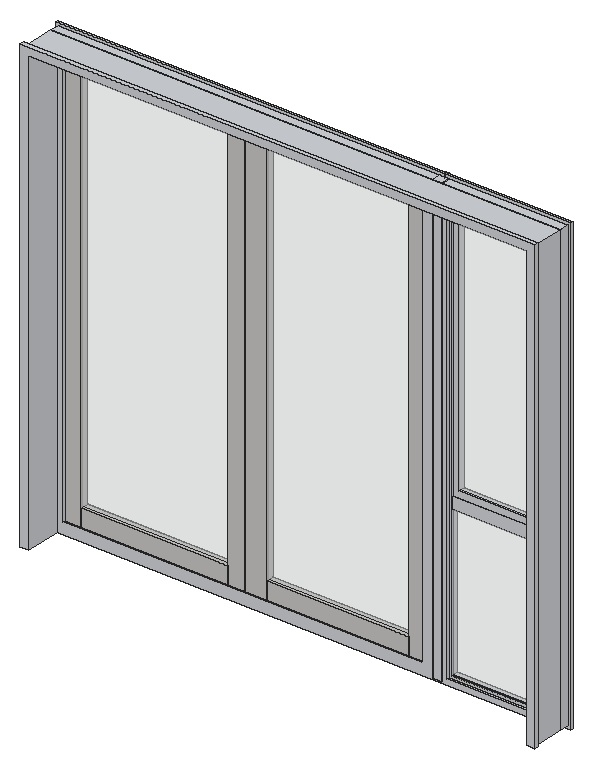
Revit family "APL Residential Thermal Heart French Door with Sidelight", category Doors, host Wall, Revit 2017 (continued)
Definition of nested family "APL Residential Thermal Heart Sidelight Vertical Section"
  Definition of nested family "Frame Sash"
    Definition of nested family "65000_Frame"
      Lines and regions (mm)
        detail lines, in view "Ref. Level"
          curve 293: arc (0.482, -10.144, 0) -> (0.172, -10.004, 0) -> (0.009, -10.303, 0) r 0.25
          curve 294: arc (0.036, -20.191, 0) -> (0.198, -20.491, 0) -> (0.508, -20.351, 0) r 0.25
          curve 295: line (0.009, -10.303, 0) -> (1.003, -14.171, 0)
          curve 296: line (1.003, -14.171, 0) -> (0, -14.75, 0)
          curve 297: line (0, -14.75, 0) -> (0, -15.75, 0)
          curve 298: line (0, -15.75, 0) -> (1.025, -16.342, 0)
          curve 299: line (1.025, -16.342, 0) -> (0.036, -20.191, 0)
          curve 300: line (0.508, -20.351, 0) -> (2.232, -16.25, 0)
          curve 301: line (2.232, -16.25, 0) -> (3.5, -16.25, 0)
          curve 302: line (3.5, -16.25, 0) -> (3.5, -17.5, 0)
          curve 303: line (3.5, -17.5, 0) -> (4.5, -17.5, 0)
          curve 304: line (4.5, -17.5, 0) -> (4.5, -13, 0)
          curve 305: line (4.5, -13, 0) -> (3.5, -13, 0)
          curve 306: line (3.5, -13, 0) -> (3.5, -14.25, 0)
          curve 307: line (3.5, -14.25, 0) -> (2.208, -14.25, 0)
          curve 308: line (2.208, -14.25, 0) -> (0.482, -10.144, 0)
        detail lines, in view "Ref. Level", not visible
          curve 309: arc (33.161, -9.933, 0) -> (32.851, -9.793, 0) -> (32.689, -10.092, 0) r 0.25
          curve 310: arc (32.715, -19.98, 0) -> (32.877, -20.279, 0) -> (33.188, -20.139, 0) r 0.25
          curve 311: line (32.689, -10.092, 0) -> (33.683, -13.959, 0)
          curve 312: line (33.683, -13.959, 0) -> (32.679, -14.539, 0)
          curve 313: line (32.679, -14.539, 0) -> (32.679, -15.539, 0)
          curve 314: line (32.679, -15.539, 0) -> (33.705, -16.131, 0)
          curve 315: line (33.705, -16.131, 0) -> (32.715, -19.98, 0)
          curve 316: line (33.188, -20.139, 0) -> (34.912, -16.039, 0)
          curve 317: line (34.912, -16.039, 0) -> (36.179, -16.039, 0)
          curve 318: line (36.179, -16.039, 0) -> (36.179, -17.289, 0)
          curve 319: line (36.179, -17.289, 0) -> (37.179, -17.289, 0)
          curve 320: line (37.179, -17.289, 0) -> (37.179, -12.789, 0)
          curve 321: line (37.179, -12.789, 0) -> (36.179, -12.789, 0)
          curve 322: line (36.179, -12.789, 0) -> (36.179, -14.039, 0)
          curve 323: line (36.179, -14.039, 0) -> (34.887, -14.039, 0)
          curve 324: line (34.887, -14.039, 0) -> (33.161, -9.933, 0)
      Text (mm)
        text "65000" at (-42.674, -12.336, 0), in view "Ref. Level"
    Definition of nested family "65720_Sash"
      Reference planes
        plane 1 "Center (Front/Back)": y = 0
        plane 2: z = 0
        plane 3 "Center (Left/Right)": x = 0
      Lines and regions (mm)
        detail lines, in view "Ref. Level"
          curve 1: arc (-0.482, 17.85, 0) -> (-0.172, 17.71, 0) -> (-0.009, 18.009, 0) r 0.25
          curve 2: arc (-0.036, 27.897, 0) -> (-0.198, 28.196, 0) -> (-0.508, 28.056, 0) r 0.25
          curve 3: line (-0.009, 18.009, 0) -> (-1.003, 21.876, 0)
          curve 4: line (-1.003, 21.876, 0) -> (0, 22.455, 0)
          curve 5: line (0, 22.455, 0) -> (0, 23.455, 0)
          curve 6: line (0, 23.455, 0) -> (-1.025, 24.047, 0)
          curve 7: line (-1.025, 24.047, 0) -> (-0.036, 27.897, 0)
          curve 8: line (-0.508, 28.056, 0) -> (-2.232, 23.955, 0)
          curve 9: line (-2.232, 23.955, 0) -> (-3.5, 23.955, 0)
          curve 10: line (-3.5, 23.955, 0) -> (-3.5, 25.205, 0)
          curve 11: line (-3.5, 25.205, 0) -> (-4.5, 25.205, 0)
          curve 12: line (-4.5, 25.205, 0) -> (-4.5, 20.705, 0)
          curve 13: line (-4.5, 20.705, 0) -> (-3.5, 20.705, 0)
          curve 14: line (-3.5, 20.705, 0) -> (-3.5, 21.955, 0)
          curve 15: line (-3.5, 21.955, 0) -> (-2.208, 21.955, 0)
          curve 16: line (-2.208, 21.955, 0) -> (-0.482, 17.85, 0)
        detail lines, in view "Ref. Level", not visible
          curve 17: arc (33.161, -9.933, 0) -> (32.851, -9.793, 0) -> (32.689, -10.092, 0) r 0.25
          curve 18: arc (32.715, -19.98, 0) -> (32.877, -20.279, 0) -> (33.188, -20.139, 0) r 0.25
          curve 19: line (32.689, -10.092, 0) -> (33.683, -13.959, 0)
          curve 20: line (33.683, -13.959, 0) -> (32.679, -14.539, 0)
          curve 21: line (32.679, -14.539, 0) -> (32.679, -15.539, 0)
          curve 22: line (32.679, -15.539, 0) -> (33.705, -16.131, 0)
          curve 23: line (33.705, -16.131, 0) -> (32.715, -19.98, 0)
          curve 24: line (33.188, -20.139, 0) -> (34.912, -16.039, 0)
          curve 25: line (34.912, -16.039, 0) -> (36.179, -16.039, 0)
          curve 26: line (36.179, -16.039, 0) -> (36.179, -17.289, 0)
          curve 27: line (36.179, -17.289, 0) -> (37.179, -17.289, 0)
          curve 28: line (37.179, -17.289, 0) -> (37.179, -12.789, 0)
          curve 29: line (37.179, -12.789, 0) -> (36.179, -12.789, 0)
          curve 30: line (36.179, -12.789, 0) -> (36.179, -14.039, 0)
          curve 31: line (36.179, -14.039, 0) -> (34.887, -14.039, 0)
          curve 32: line (34.887, -14.039, 0) -> (33.161, -9.933, 0)
        model lines, in view "Ref. Level"
          curve 33: arc (17.915, 0.146, 0) -> (17.978, 0, 0) -> (17.915, -0.146, 0) r 0.2
          curve 34: arc (17.915, -0.146, 0) -> (17.682, -0.477, 0) -> (17.6, -0.874, 0) r 1
          curve 35: arc (17.6, -2.45, 0) -> (17.728, -2.668, 0) -> (17.98, -2.663, 0) r 0.25
          curve 36: arc (18.066, -2.611, 0) -> (18.172, -2.479, 0) -> (18.169, -2.309, 0) r 0.25
          curve 37: arc (19.422, -1.544, 0) -> (19.498, -1.511, 0) -> (19.579, -1.5, 0) r 0.3
          curve 38: arc (20.1, -1.5, 0) -> (20.258, -1.578, 0) -> (20.294, -1.75, 0) r 0.2
          curve 39: arc (20.1, -5.753, 0) -> (20.126, -5.875, 0) -> (20.2, -5.976, 0) r 0.3
          curve 40: arc (20.2, -5.976, 0) -> (20.28, -6.307, 0) -> (20, -6.5, 0) r 0.3
          curve 41: arc (17.779, -5.957, 0) -> (17.69, -5.905, 0) -> (17.638, -5.816, 0) r 0.2
          curve 42: arc (17.593, -5.648, 0) -> (17.452, -5.507, 0) -> (17.259, -5.559, 0) r 0.2
          curve 43: arc (16.895, -5.922, 0) -> (16.835, -6.008, 0) -> (16.808, -6.108, 0) r 0.3
          curve 44: arc (16.601, -8.474, 0) -> (16.717, -8.738, 0) -> (17.003, -8.782, 0) r 0.3
          curve 45: arc (18.413, -8.268, 0) -> (18.539, -8.181, 0) -> (18.605, -8.043, 0) r 0.3
          curve 46: arc (18.605, -8.043, 0) -> (18.878, -7.801, 0) -> (19.183, -8, 0) r 0.3
          curve 47: arc (38.5, -8, 0) -> (38.855, -8.145, 0) -> (39, -8.5, 0) r 0.496
          curve 48: arc (37.5, -13.6, 0) -> (36.793, -13.893, 0) -> (36.5, -14.6, 0) r 1
          curve 49: arc (36.5, -15.098, 0) -> (37, -15.599, 0) -> (37.5, -15.099, 0) r 0.5
          curve 50: arc (39.4, -19.8, 0) -> (39.1, -20.1, 0) -> (39.4, -20.4, 0) r 0.3
          curve 51: arc (37.5, -24.002, 0) -> (37.354, -23.647, 0) -> (37, -23.5, 0) r 0.5
          curve 52: arc (36.001, -23.5, 0) -> (35.859, -23.441, 0) -> (35.8, -23.3, 0) r 0.2
          curve 53: arc (35.8, -23.308, 0) -> (35.697, -23.003, 0) -> (35.429, -22.825, 0) r 0.5
          curve 54: arc (34.552, -22.589, 0) -> (34.378, -22.624, 0) -> (34.3, -22.783, 0) r 0.2
          curve 55: arc (34.52, -24.835, 0) -> (34.588, -24.953, 0) -> (34.717, -25, 0) r 0.2
          curve 56: arc (36, -26.8, 0) -> (36.059, -26.941, 0) -> (36.2, -27, 0) r 0.2
          curve 57: arc (40.6, -27, 0) -> (40.741, -26.941, 0) -> (40.8, -26.8, 0) r 0.2
          curve 58: arc (40.8, 9.2, 0) -> (40.2, 9.801, 0) -> (39.6, 9.2, 0) r 0.6
          curve 59: arc (34.719, 4.17, 0) -> (34.38, 4.303, 0) -> (34.221, 4.63, 0) r 0.5
          curve 60: arc (34.221, 4.63, 0) -> (34.008, 5.519, 0) -> (33.531, 6.299, 0) r 2.93
          curve 61: arc (33.531, 6.299, 0) -> (33.518, 6.54, 0) -> (33.747, 6.618, 0) r 0.2
          curve 62: arc (33.747, 6.618, 0) -> (34.115, 6.712, 0) -> (34.181, 7.087, 0) r 0.35
          curve 63: arc (34.181, 7.087, 0) -> (33.629, 7.751, 0) -> (32.801, 8, 0) r 1.498
          curve 64: arc (19.183, 8, 0) -> (18.878, 7.801, 0) -> (18.605, 8.043, 0) r 0.3
          curve 65: arc (18.605, 8.043, 0) -> (18.539, 8.181, 0) -> (18.413, 8.268, 0) r 0.3
          curve 66: arc (17.003, 8.782, 0) -> (16.717, 8.738, 0) -> (16.601, 8.474, 0) r 0.3
          curve 67: arc (16.808, 6.108, 0) -> (16.835, 6.008, 0) -> (16.895, 5.922, 0) r 0.3
          curve 68: arc (17.259, 5.559, 0) -> (17.452, 5.507, 0) -> (17.593, 5.648, 0) r 0.2
          curve 69: arc (17.638, 5.816, 0) -> (17.69, 5.905, 0) -> (17.779, 5.957, 0) r 0.2
          curve 70: arc (20, 6.5, 0) -> (20.28, 6.307, 0) -> (20.2, 5.976, 0) r 0.3
          curve 71: arc (20.2, 5.976, 0) -> (20.126, 5.875, 0) -> (20.1, 5.753, 0) r 0.3
          curve 72: arc (20.294, 1.75, 0) -> (20.258, 1.578, 0) -> (20.1, 1.5, 0) r 0.2
          curve 73: arc (19.579, 1.5, 0) -> (19.498, 1.511, 0) -> (19.423, 1.544, 0) r 0.3
          curve 74: arc (18.169, 2.309, 0) -> (18.172, 2.479, 0) -> (18.066, 2.611, 0) r 0.25
          curve 75: arc (17.98, 2.663, 0) -> (17.728, 2.668, 0) -> (17.6, 2.45, 0) r 0.25
          curve 76: arc (17.6, 0.874, 0) -> (17.682, 0.477, 0) -> (17.915, 0.146, 0) r 1
          curve 77: arc (28.892, 6.6, 0) -> (29.073, 6.485, 0) -> (29.046, 6.272, 0) r 0.2
          curve 78: arc (29.046, 6.272, 0) -> (28.37, 4.41, 0) -> (29.034, 2.543, 0) r 2.93
          curve 79: arc (29.034, 2.543, 0) -> (30.019, 2.445, 0) -> (30.116, 3.43, 0) r 0.7
          curve 80: arc (30.116, 3.43, 0) -> (29.77, 4.4, 0) -> (30.116, 5.37, 0) r 1.53
          curve 81: arc (30.116, 5.37, 0) -> (30.208, 5.514, 0) -> (30.262, 5.676, 0) r 0.7
          curve 82: arc (30.262, 5.676, 0) -> (30.359, 5.888, 0) -> (30.541, 6.032, 0) r 0.5
          curve 83: arc (30.541, 6.032, 0) -> (31.3, 6.2, 0) -> (32.059, 6.032, 0) r 1.8
          curve 84: arc (32.059, 6.032, 0) -> (32.241, 5.888, 0) -> (32.338, 5.676, 0) r 0.5
          curve 85: arc (32.338, 5.676, 0) -> (32.392, 5.514, 0) -> (32.484, 5.37, 0) r 0.7
          curve 86: arc (32.484, 5.37, 0) -> (32.83, 4.4, 0) -> (32.484, 3.43, 0) r 1.53
          curve 87: arc (32.484, 3.43, 0) -> (32.581, 2.445, 0) -> (33.566, 2.543, 0) r 0.7
          curve 88: arc (33.566, 2.543, 0) -> (33.647, 2.645, 0) -> (33.722, 2.751, 0) r 2.93
          curve 89: arc (33.722, 2.751, 0) -> (33.902, 2.912, 0) -> (34.135, 2.97, 0) r 0.5
          curve 90: arc (38.899, 2.97, 0) -> (39.253, 2.824, 0) -> (39.4, 2.47, 0) r 0.5
          curve 91: arc (39.4, -6.3, 0) -> (39.254, -6.654, 0) -> (38.9, -6.8, 0) r 0.5
          curve 92: arc (22.502, -6.8, 0) -> (22.147, -6.654, 0) -> (22, -6.3, 0) r 0.5
          curve 93: line (17.6, -0.874, 0) -> (17.6, -2.45, 0)
          curve 94: line (18.169, -2.309, 0) -> (19.422, -1.544, 0)
          curve 95: line (19.422, -1.544, 0) -> (20.1, -1.5, 0)
          curve 96: line (20.294, -1.75, 0) -> (20.106, -2.475, 0)
          curve 97: line (20.106, -2.475, 0) -> (20.1, -5.753, 0)
          curve 98: line (19.846, -6.5, 0) -> (17.779, -5.957, 0)
          curve 99: line (17.779, -5.957, 0) -> (17.593, -5.648, 0)
          curve 100: line (17.259, -5.559, 0) -> (16.895, -5.922, 0)
          curve 101: line (16.808, -6.108, 0) -> (16.601, -8.474, 0)
          curve 102: line (17.003, -8.782, 0) -> (18.413, -8.268, 0)
          curve 103: line (19.183, -8, 0) -> (38.5, -8, 0)
          curve 104: line (39, -8.5, 0) -> (39, -13.6, 0)
          curve 105: line (39, -13.6, 0) -> (37.5, -13.6, 0)
          curve 106: line (36.5, -14.6, 0) -> (36.5, -15.098, 0)
          curve 107: line (37.5, -15.099, 0) -> (37.5, -14.6, 0)
          curve 108: line (37.5, -14.6, 0) -> (39.4, -14.6, 0)
          curve 109: line (39.4, -14.6, 0) -> (39.4, -19.8, 0)
          curve 110: line (39.4, -20.4, 0) -> (39.4, -25.6, 0)
          curve 111: line (39.4, -25.6, 0) -> (37.5, -25.6, 0)
          curve 112: line (37.5, -25.6, 0) -> (37.5, -24.002, 0)
          curve 113: line (37, -23.5, 0) -> (36.001, -23.5, 0)
          curve 114: line (35.429, -22.825, 0) -> (34.552, -22.589, 0)
          curve 115: line (34.3, -22.783, 0) -> (34.3, -23.589, 0)
          curve 116: line (34.3, -23.589, 0) -> (34.52, -24.835, 0)
          curve 117: line (34.717, -25, 0) -> (36, -25, 0)
          curve 118: line (36, -25, 0) -> (36, -26.8, 0)
          curve 119: line (36.2, -27, 0) -> (40.6, -27, 0)
          curve 120: line (40.8, -26.8, 0) -> (40.8, 9.2, 0)
          curve 121: line (39.6, 9.2, 0) -> (39.6, 4.17, 0)
          curve 122: line (39.6, 4.17, 0) -> (34.719, 4.17, 0)
          curve 123: line (32.801, 8, 0) -> (24.7, 8, 0)
          curve 124: line (24.7, 8, 0) -> (24.3, 7.6, 0)
          curve 125: line (24.3, 7.6, 0) -> (23.9, 8, 0)
          curve 126: line (23.9, 8, 0) -> (19.183, 8, 0)
          curve 127: line (18.413, 8.268, 0) -> (17.003, 8.782, 0)
          curve 128: line (16.601, 8.474, 0) -> (16.808, 6.108, 0)
          curve 129: line (16.895, 5.922, 0) -> (17.259, 5.559, 0)
          curve 130: line (17.593, 5.648, 0) -> (17.638, 5.816, 0)
          curve 131: line (17.638, 5.816, 0) -> (19.768, 6.49, 0)
          curve 132: line (19.768, 6.49, 0) -> (20, 6.5, 0)
          curve 133: line (20.1, 5.753, 0) -> (20.1, 2.525, 0)
          curve 134: line (20.1, 2.525, 0) -> (20.294, 1.75, 0)
          curve 135: line (20.1, 1.5, 0) -> (19.579, 1.5, 0)
          curve 136: line (19.579, 1.5, 0) -> (18.169, 2.309, 0)
          curve 137: line (17.6, 2.45, 0) -> (17.6, 0.874, 0)
          curve 138: line (22.5, 6.6, 0) -> (28.892, 6.6, 0)
          curve 139: line (34.135, 2.97, 0) -> (38.899, 2.97, 0)
          curve 140: line (39.4, 2.47, 0) -> (39.4, -6.3, 0)
          curve 141: line (38.9, -6.8, 0) -> (22.502, -6.8, 0)
          curve 142: line (22, -6.3, 0) -> (22, 6.1, 0)
          curve 143: arc (22, 6.1, 0) -> (22.146, 6.454, 0) -> (22.5, 6.6, 0) r 0.5
          curve 144: arc (12.714, 14.359, 0) -> (13.138, 14.183, 0) -> (13.314, 13.759, 0) r 0.6
          curve 145: arc (13.633, 5.978, 0) -> (13.937, 5.291, 0) -> (14.633, 5.009, 0) r 1
          curve 146: arc (17.054, 5.009, 0) -> (17.364, 5.05, 0) -> (17.654, 5.17, 0) r 1.2
          curve 147: arc (19.714, 6.209, 0) -> (19.996, 6.092, 0) -> (20.114, 5.809, 0) r 0.4
          curve 148: arc (20.014, 4.834, 0) -> (19.955, 4.693, 0) -> (19.814, 4.634, 0) r 0.2
          curve 149: arc (19.617, 4.653, 0) -> (19.041, 4.615, 0) -> (18.764, 4.109, 0) r 0.6
          curve 150: arc (18.764, 4.109, 0) -> (19.041, 3.603, 0) -> (19.617, 3.565, 0) r 0.6
          curve 151: arc (19.814, 3.584, 0) -> (19.955, 3.525, 0) -> (20.014, 3.384, 0) r 0.2
          curve 152: arc (20.114, 2.409, 0) -> (19.996, 2.126, 0) -> (19.714, 2.009, 0) r 0.4
          curve 153: arc (17.654, 3.048, 0) -> (17.364, 3.168, 0) -> (17.054, 3.209, 0) r 1.2
          curve 154: arc (8.374, 3.209, 0) -> (8.063, 3.168, 0) -> (7.774, 3.048, 0) r 1.2
          curve 155: arc (5.714, 2.009, 0) -> (5.431, 2.126, 0) -> (5.314, 2.409, 0) r 0.4
          curve 156: arc (5.414, 3.384, 0) -> (5.472, 3.525, 0) -> (5.614, 3.584, 0) r 0.2
          curve 157: arc (5.81, 3.565, 0) -> (6.386, 3.603, 0) -> (6.664, 4.109, 0) r 0.6
          curve 158: arc (6.664, 4.109, 0) -> (6.386, 4.615, 0) -> (5.81, 4.653, 0) r 0.6
          curve 159: arc (5.614, 4.634, 0) -> (5.472, 4.693, 0) -> (5.414, 4.834, 0) r 0.2
          curve 160: arc (5.314, 5.809, 0) -> (5.431, 6.092, 0) -> (5.714, 6.209, 0) r 0.4
          curve 161: arc (7.774, 5.17, 0) -> (8.063, 5.05, 0) -> (8.374, 5.009, 0) r 1.2
          curve 162: arc (10.794, 5.009, 0) -> (11.49, 5.291, 0) -> (11.794, 5.978, 0) r 1
          curve 163: line (13.314, 13.759, 0) -> (13.633, 5.978, 0)
          curve 164: line (14.633, 5.009, 0) -> (16.946, 5.009, 0)
          curve 165: line (17.654, 5.17, 0) -> (18.414, 5.609, 0)
          curve 166: line (18.414, 5.609, 0) -> (19.407, 6.182, 0)
          curve 167: line (19.407, 6.182, 0) -> (19.714, 6.209, 0)
          curve 168: line (20.114, 5.809, 0) -> (20.114, 5.309, 0)
          curve 169: line (20.114, 5.309, 0) -> (20.014, 4.834, 0)
          curve 170: line (20.014, 3.384, 0) -> (20.014, 3.009, 0)
          curve 171: line (20.014, 3.009, 0) -> (20.114, 2.409, 0)
          curve 172: line (19.714, 2.009, 0) -> (19.507, 2.009, 0)
          curve 173: line (19.507, 2.009, 0) -> (18.414, 2.609, 0)
          curve 174: line (18.414, 2.609, 0) -> (17.654, 3.048, 0)
          curve 175: line (16.946, 3.209, 0) -> (12.714, 3.209, 0)
          curve 176: line (12.714, 3.209, 0) -> (8.374, 3.209, 0)
          curve 177: line (7.774, 3.048, 0) -> (6.02, 2.036, 0)
          curve 178: line (6.02, 2.036, 0) -> (5.714, 2.009, 0)
          curve 179: line (5.314, 2.409, 0) -> (5.314, 2.909, 0)
          curve 180: line (5.314, 2.909, 0) -> (5.414, 3.384, 0)
          curve 181: line (5.414, 4.834, 0) -> (5.414, 5.209, 0)
          curve 182: line (5.414, 5.209, 0) -> (5.314, 5.809, 0)
          curve 183: line (5.714, 6.209, 0) -> (5.92, 6.209, 0)
          curve 184: line (5.92, 6.209, 0) -> (7.774, 5.17, 0)
          curve 185: line (8.374, 5.009, 0) -> (10.794, 5.009, 0)
          curve 186: line (11.794, 5.978, 0) -> (12.114, 13.768, 0)
          curve 187: arc (12.114, 13.768, 0) -> (12.293, 14.187, 0) -> (12.714, 14.359, 0) r 0.6
          curve 188: arc (5.3, -2.4, 0) -> (5.417, -2.117, 0) -> (5.7, -2, 0) r 0.4
          curve 189: arc (5.993, -2, 0) -> (6.096, -2.014, 0) -> (6.193, -2.054, 0) r 0.4
          curve 190: arc (7.721, -2.939, 0) -> (8.011, -3.059, 0) -> (8.322, -3.1, 0) r 1.2
          curve 191: arc (9.245, -3.1, 0) -> (9.818, -3.281, 0) -> (10.184, -3.758, 0) r 1
          curve 192: arc (10.977, -5.937, 0) -> (11.124, -6.128, 0) -> (11.353, -6.2, 0) r 0.4
          curve 193: arc (14.047, -6.2, 0) -> (14.276, -6.128, 0) -> (14.423, -5.937, 0) r 0.4
          curve 194: arc (15.216, -3.758, 0) -> (15.582, -3.281, 0) -> (16.155, -3.1, 0) r 1
          curve 195: arc (17.078, -3.1, 0) -> (17.389, -3.059, 0) -> (17.679, -2.939, 0) r 1.2
          curve 196: arc (19.207, -2.054, 0) -> (19.304, -2.014, 0) -> (19.407, -2, 0) r 0.4
          curve 197: arc (19.7, -2, 0) -> (19.983, -2.117, 0) -> (20.1, -2.4, 0) r 0.4
          curve 198: arc (20.1, -5.8, 0) -> (19.983, -6.083, 0) -> (19.7, -6.2, 0) r 0.4
          curve 199: arc (19.407, -6.2, 0) -> (19.304, -6.186, 0) -> (19.207, -6.146, 0) r 0.4
          curve 200: arc (17.679, -5.261, 0) -> (17.385, -5.14, 0) -> (17.07, -5.1, 0) r 1.2
          curve 201: arc (17.07, -5.1, 0) -> (16.895, -5.153, 0) -> (16.784, -5.297, 0) r 0.3
          curve 202: arc (15.896, -7.737, 0) -> (15.749, -7.928, 0) -> (15.52, -8, 0) r 0.4
          curve 203: arc (9.88, -8, 0) -> (9.651, -7.928, 0) -> (9.504, -7.737, 0) r 0.4
          curve 204: arc (8.616, -5.297, 0) -> (8.505, -5.153, 0) -> (8.33, -5.1, 0) r 0.3
          curve 205: arc (8.33, -5.1, 0) -> (8.015, -5.14, 0) -> (7.721, -5.261, 0) r 1.2
          curve 206: arc (6.193, -6.146, 0) -> (6.096, -6.186, 0) -> (5.993, -6.2, 0) r 0.4
          curve 207: arc (5.7, -6.2, 0) -> (5.417, -6.083, 0) -> (5.3, -5.8, 0) r 0.4
          curve 208: line (5.7, -2, 0) -> (5.993, -2, 0)
          curve 209: line (6.193, -2.054, 0) -> (7.721, -2.939, 0)
          curve 210: line (8.322, -3.1, 0) -> (9.245, -3.1, 0)
          curve 211: line (10.184, -3.758, 0) -> (10.977, -5.937, 0)
          curve 212: line (11.353, -6.2, 0) -> (14.047, -6.2, 0)
          curve 213: line (14.423, -5.937, 0) -> (15.216, -3.758, 0)
          curve 214: line (16.155, -3.1, 0) -> (17.078, -3.1, 0)
          curve 215: line (17.679, -2.939, 0) -> (19.207, -2.054, 0)
          curve 216: line (19.407, -2, 0) -> (19.7, -2, 0)
          curve 217: line (20.1, -2.4, 0) -> (20.1, -5.8, 0)
          curve 218: line (19.7, -6.2, 0) -> (19.407, -6.2, 0)
          curve 219: line (19.207, -6.146, 0) -> (17.679, -5.261, 0)
          curve 220: line (16.784, -5.297, 0) -> (15.896, -7.737, 0)
          curve 221: line (15.52, -8, 0) -> (9.88, -8, 0)
          curve 222: line (9.504, -7.737, 0) -> (8.616, -5.297, 0)
          curve 223: line (7.721, -5.261, 0) -> (6.193, -6.146, 0)
          curve 224: line (5.993, -6.2, 0) -> (5.7, -6.2, 0)
          curve 225: line (5.3, -5.8, 0) -> (5.3, -2.4, 0)
          curve 226: arc (7.8, -0.874, 0) -> (7.718, -0.477, 0) -> (7.485, -0.146, 0) r 1
          curve 227: arc (7.485, -0.146, 0) -> (7.422, 0, 0) -> (7.485, 0.146, 0) r 0.2
          curve 228: arc (7.485, 0.146, 0) -> (7.718, 0.477, 0) -> (7.8, 0.874, 0) r 1
          curve 229: arc (7.8, 2.449, 0) -> (7.673, 2.668, 0) -> (7.42, 2.663, 0) r 0.25
          curve 230: arc (7.334, 2.611, 0) -> (7.228, 2.479, 0) -> (7.231, 2.309, 0) r 0.25
          curve 231: arc (5.977, 1.544, 0) -> (5.902, 1.511, 0) -> (5.821, 1.5, 0) r 0.3
          curve 232: arc (5.3, 1.5, 0) -> (5.142, 1.578, 0) -> (5.106, 1.75, 0) r 0.2
          curve 233: arc (5.3, 5.753, 0) -> (5.274, 5.875, 0) -> (5.2, 5.976, 0) r 0.3
          curve 234: arc (5.2, 5.976, 0) -> (5.12, 6.307, 0) -> (5.4, 6.5, 0) r 0.3
          curve 235: arc (7.621, 5.957, 0) -> (7.71, 5.905, 0) -> (7.762, 5.816, 0) r 0.2
          curve 236: arc (7.807, 5.648, 0) -> (7.948, 5.507, 0) -> (8.141, 5.559, 0) r 0.2
          curve 237: arc (8.505, 5.922, 0) -> (8.565, 6.008, 0) -> (8.592, 6.108, 0) r 0.3
          curve 238: arc (8.799, 8.474, 0) -> (8.683, 8.738, 0) -> (8.397, 8.782, 0) r 0.3
          curve 239: arc (6.987, 8.268, 0) -> (6.861, 8.181, 0) -> (6.795, 8.043, 0) r 0.3
          curve 240: arc (6.795, 8.043, 0) -> (6.522, 7.801, 0) -> (6.217, 8, 0) r 0.3
          curve 241: arc (-3.3, 8, 0) -> (-4.007, 8.293, 0) -> (-4.3, 9, 0) r 1
          curve 242: arc (-4.3, 18.8, 0) -> (-4.241, 18.941, 0) -> (-4.1, 19, 0) r 0.2
          curve 243: arc (-3.2, 19, 0) -> (-2.493, 19.293, 0) -> (-2.2, 20, 0) r 1
          curve 244: arc (-2.2, 20.751, 0) -> (-2.7, 21.252, 0) -> (-3.2, 20.751, 0) r 0.5
          curve 245: arc (-3.2, 24.751, 0) -> (-2.7, 24.249, 0) -> (-2.2, 24.751, 0) r 0.5
          curve 246: arc (-2.2, 25.501, 0) -> (-2.493, 26.207, 0) -> (-3.199, 26.5, 0) r 0.999
          curve 247: arc (-4.7, 26.5, 0) -> (-5.407, 26.207, 0) -> (-5.7, 25.5, 0) r 1
          curve 248: arc (-5.7, -14.454, 0) -> (-5.548, -15.22, 0) -> (-5.114, -15.869, 0) r 2
          curve 249: arc (5.959, -26.941, 0) -> (6.177, -26.985, 0) -> (6.3, -26.8, 0) r 0.2
          curve 250: arc (6.3, -22.85, 0) -> (6.241, -22.709, 0) -> (6.1, -22.65, 0) r 0.2
          curve 251: arc (5.501, -22.65, 0) -> (5.359, -22.708, 0) -> (5.3, -22.85, 0) r 0.2
          curve 252: arc (5.3, -23.2, 0) -> (5.241, -23.341, 0) -> (5.1, -23.4, 0) r 0.201
          curve 253: arc (4.497, -23.4, 0) -> (4.357, -23.341, 0) -> (4.3, -23.2, 0) r 0.198
          curve 254: arc (4.3, -20.1, 0) -> (4.358, -19.96, 0) -> (4.497, -19.9, 0) r 0.2
          curve 255: arc (5.1, -19.9, 0) -> (5.241, -19.959, 0) -> (5.3, -20.1, 0) r 0.2
          curve 256: arc (5.3, -20.45, 0) -> (5.359, -20.591, 0) -> (5.5, -20.65, 0) r 0.2
          curve 257: arc (6.1, -20.65, 0) -> (6.241, -20.591, 0) -> (6.3, -20.45, 0) r 0.2
          curve 258: arc (6.3, -19.092, 0) -> (6.244, -18.951, 0) -> (6.1, -18.9, 0) r 0.184
          curve 259: arc (6.217, -8, 0) -> (6.522, -7.801, 0) -> (6.795, -8.043, 0) r 0.3
          curve 260: arc (6.795, -8.043, 0) -> (6.861, -8.181, 0) -> (6.987, -8.268, 0) r 0.3
          curve 261: arc (8.397, -8.782, 0) -> (8.683, -8.738, 0) -> (8.799, -8.474, 0) r 0.3
          curve 262: arc (8.592, -6.108, 0) -> (8.565, -6.008, 0) -> (8.505, -5.922, 0) r 0.3
          curve 263: arc (8.141, -5.559, 0) -> (7.948, -5.507, 0) -> (7.807, -5.648, 0) r 0.2
          curve 264: arc (7.762, -5.816, 0) -> (7.71, -5.905, 0) -> (7.621, -5.957, 0) r 0.2
          curve 265: arc (5.4, -6.5, 0) -> (5.12, -6.307, 0) -> (5.2, -5.976, 0) r 0.3
          curve 266: arc (5.2, -5.976, 0) -> (5.274, -5.875, 0) -> (5.3, -5.753, 0) r 0.3
          curve 267: arc (5.106, -1.75, 0) -> (5.142, -1.578, 0) -> (5.3, -1.5, 0) r 0.2
          curve 268: arc (5.82, -1.5, 0) -> (5.902, -1.511, 0) -> (5.977, -1.544, 0) r 0.3
          curve 269: arc (7.231, -2.309, 0) -> (7.228, -2.479, 0) -> (7.334, -2.611, 0) r 0.25
          curve 270: arc (7.42, -2.663, 0) -> (7.672, -2.668, 0) -> (7.8, -2.45, 0) r 0.25
          curve 271: arc (-0.454, 6.272, 0) -> (-0.427, 6.485, 0) -> (-0.608, 6.6, 0) r 0.2
          curve 272: arc (-3.4, 6.6, 0) -> (-4.107, 6.307, 0) -> (-4.4, 5.6, 0) r 1
          curve 273: arc (-4.4, -2.447, 0) -> (-4.254, -2.802, 0) -> (-3.9, -2.949, 0) r 0.5
          curve 274: arc (-2.4, -2.949, 0) -> (-1.693, -3.242, 0) -> (-1.4, -3.949, 0) r 1
          curve 275: arc (-1.4, -4.449, 0) -> (-1.9, -4.949, 0) -> (-2.4, -4.449, 0) r 0.5
          curve 276: arc (-4, -3.949, 0) -> (-4.283, -4.067, 0) -> (-4.4, -4.349, 0) r 0.4
          curve 277: arc (-4.4, -9.05, 0) -> (-4, -9.45, 0) -> (-4.4, -9.85, 0) r 0.4
          curve 278: arc (-4.4, -14.452, 0) -> (-4.347, -14.721, 0) -> (-4.195, -14.949, 0) r 0.7
          curve 279: arc (-2.4, -14.449, 0) -> (-1.9, -13.949, 0) -> (-1.4, -14.449, 0) r 0.5
          curve 280: arc (-1.4, -15.007, 0) -> (-1.602, -15.609, 0) -> (-2.125, -15.969, 0) r 1
          curve 281: arc (-2.125, -15.969, 0) -> (-2.472, -16.324, 0) -> (-2.341, -16.803, 0) r 0.5
          curve 282: arc (2.959, -22.103, 0) -> (3.177, -22.146, 0) -> (3.3, -21.962, 0) r 0.2
          curve 283: line (7.8, 0.874, 0) -> (7.8, 2.449, 0)
          curve 284: line (7.231, 2.309, 0) -> (5.977, 1.544, 0)
          curve 285: line (5.977, 1.544, 0) -> (5.3, 1.5, 0)
          curve 286: line (5.106, 1.75, 0) -> (5.294, 2.475, 0)
          curve 287: line (5.294, 2.475, 0) -> (5.3, 5.753, 0)
          curve 288: line (5.554, 6.5, 0) -> (7.621, 5.957, 0)
          curve 289: line (7.621, 5.957, 0) -> (7.807, 5.648, 0)
          curve 290: line (8.141, 5.559, 0) -> (8.505, 5.922, 0)
          curve 291: line (8.592, 6.108, 0) -> (8.799, 8.474, 0)
          curve 292: line (8.397, 8.782, 0) -> (6.987, 8.268, 0)
          curve 293: line (6.217, 8, 0) -> (-3.3, 8, 0)
          curve 294: line (-4.3, 9, 0) -> (-4.3, 18.8, 0)
          curve 295: line (-4.1, 19, 0) -> (-3.2, 19, 0)
          curve 296: line (-2.2, 20, 0) -> (-2.2, 20.751, 0)
          curve 297: line (-3.2, 20.751, 0) -> (-3.2, 20, 0)
          curve 298: line (-3.2, 20, 0) -> (-4.7, 20, 0)
          curve 299: line (-4.7, 20, 0) -> (-4.7, 25.5, 0)
          curve 300: line (-4.7, 25.5, 0) -> (-3.2, 25.5, 0)
          curve 301: line (-3.2, 25.5, 0) -> (-3.2, 24.751, 0)
          curve 302: line (-2.2, 24.751, 0) -> (-2.2, 25.501, 0)
          curve 303: line (-3.199, 26.5, 0) -> (-4.7, 26.5, 0)
          curve 304: line (-5.7, 25.5, 0) -> (-5.7, -14.454, 0)
          curve 305: line (-5.114, -15.869, 0) -> (5.959, -26.941, 0)
          curve 306: line (6.3, -26.8, 0) -> (6.3, -22.85, 0)
          curve 307: line (6.1, -22.65, 0) -> (5.501, -22.65, 0)
          curve 308: line (5.3, -22.85, 0) -> (5.3, -23.2, 0)
          curve 309: line (5.1, -23.4, 0) -> (4.497, -23.4, 0)
          curve 310: line (4.3, -23.2, 0) -> (4.3, -20.1, 0)
          curve 311: line (4.497, -19.9, 0) -> (5.1, -19.9, 0)
          curve 312: line (5.3, -20.1, 0) -> (5.3, -20.45, 0)
          curve 313: line (5.5, -20.65, 0) -> (6.1, -20.65, 0)
          curve 314: line (6.3, -20.45, 0) -> (6.3, -19.092, 0)
          curve 315: line (6.1, -18.9, 0) -> (4.6, -18.9, 0)
          curve 316: line (4.6, -18.9, 0) -> (4.6, -8, 0)
          curve 317: line (4.6, -8, 0) -> (6.217, -8, 0)
          curve 318: line (6.987, -8.268, 0) -> (8.397, -8.782, 0)
          curve 319: line (8.799, -8.474, 0) -> (8.592, -6.108, 0)
          curve 320: line (8.505, -5.922, 0) -> (8.141, -5.559, 0)
          curve 321: line (7.807, -5.648, 0) -> (7.762, -5.816, 0)
          curve 322: line (7.762, -5.816, 0) -> (5.632, -6.49, 0)
          curve 323: line (5.632, -6.49, 0) -> (5.4, -6.5, 0)
          curve 324: line (5.3, -5.753, 0) -> (5.3, -2.525, 0)
          curve 325: line (5.3, -2.525, 0) -> (5.106, -1.75, 0)
          curve 326: line (5.3, -1.5, 0) -> (5.82, -1.5, 0)
          curve 327: line (5.821, -1.5, 0) -> (7.231, -2.309, 0)
          curve 328: line (7.8, -2.45, 0) -> (7.8, -0.874, 0)
          curve 329: line (-0.608, 6.6, 0) -> (-3.4, 6.6, 0)
          curve 330: line (-4.4, 5.6, 0) -> (-4.4, -2.447, 0)
          curve 331: line (-3.9, -2.949, 0) -> (-2.4, -2.949, 0)
          curve 332: line (-1.4, -3.949, 0) -> (-1.4, -4.449, 0)
          curve 333: line (-2.4, -4.449, 0) -> (-2.4, -3.949, 0)
          curve 334: line (-2.4, -3.949, 0) -> (-4, -3.949, 0)
          curve 335: line (-4.4, -4.349, 0) -> (-4.4, -9.05, 0)
          curve 336: line (-4.4, -9.85, 0) -> (-4.4, -14.452, 0)
          curve 337: line (-4.195, -14.949, 0) -> (-2.4, -14.949, 0)
          curve 338: line (-2.4, -14.949, 0) -> (-2.4, -14.449, 0)
          curve 339: line (-1.4, -14.449, 0) -> (-1.4, -15.007, 0)
          curve 340: line (-2.341, -16.803, 0) -> (2.959, -22.103, 0)
          curve 341: line (3.3, -21.962, 0) -> (3.3, 2.193, 0)
          curve 342: arc (3.3, 2.193, 0) -> (3.272, 2.296, 0) -> (3.194, 2.37, 0) r 0.2
          curve 343: arc (3.194, 2.37, 0) -> (2.838, 2.85, 0) -> (2.984, 3.43, 0) r 0.7
          curve 344: arc (2.984, 3.43, 0) -> (3.33, 4.4, 0) -> (2.984, 5.37, 0) r 1.53
          curve 345: arc (2.984, 5.37, 0) -> (2.892, 5.514, 0) -> (2.838, 5.676, 0) r 0.7
          curve 346: arc (2.838, 5.676, 0) -> (2.741, 5.888, 0) -> (2.559, 6.032, 0) r 0.5
          curve 347: arc (2.559, 6.032, 0) -> (1.8, 6.2, 0) -> (1.041, 6.032, 0) r 1.8
          curve 348: arc (1.041, 6.032, 0) -> (0.859, 5.888, 0) -> (0.762, 5.676, 0) r 0.5
          curve 349: arc (0.762, 5.676, 0) -> (0.708, 5.514, 0) -> (0.616, 5.37, 0) r 0.7
          curve 350: arc (0.616, 5.37, 0) -> (0.27, 4.4, 0) -> (0.616, 3.43, 0) r 1.53
          curve 351: arc (0.616, 3.43, 0) -> (0.519, 2.445, 0) -> (-0.466, 2.543, 0) r 0.7
          curve 352: arc (-0.466, 2.543, 0) -> (-1.13, 4.41, 0) -> (-0.454, 6.272, 0) r 2.93
      Text (mm)
        text "65720" at (33.241, 33.025, 0), in view "Ref. Level"
  Definition of nested family "Glass"
    Parameters (values of type "Glass")
      Glass Lenght [instance] = 50 mm
    Reference planes
      plane 1 "Center (Front/Back)": y = 0
      plane 2: z = 0
      plane 3 "Center (Left/Right)": x = 0
      plane 4: y = -50
    Lines and regions (mm)
      Filled region 1, type "Solid Fill - Black", in view "Ref. Level"
        outline origin (0, 0, 0) x (1, 0, 0) y (0, 1, 0)
          loop
            line (4, 0) -> (4, -12) -> (20, -12) -> (20, 0) -> (4, 0)
      model lines, in view "Ref. Level"
        curve 1: line (4, -12, 0) -> (20, -12, 0)
        curve 2: line (0, -50, 0) -> (0, 0, 0)
        curve 3: line (0, 0, 0) -> (24, 0, 0)
        curve 4: line (24, 0, 0) -> (24, -50, 0)
        curve 5: line (20, 0, 0) -> (20, -50, 0)
        curve 6: line (4, 0, 0) -> (4, -50, 0)
      detail lines, in view "Ref. Level"
        curve 7: arc (-0.25, -4.9, 0) -> (0, -5.15, 0) -> (-0.25, -5.4, 0) r 0.25
        curve 8: arc (-0.25, -8.45, 0) -> (0, -8.7, 0) -> (-0.25, -8.95, 0) r 0.25
        curve 9: arc (-0.25, -9.619, 0) -> (0, -9.869, 0) -> (-0.25, -10.119, 0) r 0.25
        curve 10: arc (-0.25, -10.787, 0) -> (0, -11.037, 0) -> (-0.25, -11.287, 0) r 0.25
        curve 11: line (-0.25, -12.456, 0) -> (-1, -12.456, 0)
        curve 12: line (-1, -12.456, 0) -> (-1, -8.45, 0)
        curve 13: line (-1, -8.45, 0) -> (-2.2, -8.45, 0)
        curve 14: line (-2.2, -8.45, 0) -> (-2.2, -9.2, 0)
        curve 15: line (-2.2, -9.2, 0) -> (-2.8, -9.2, 0)
        curve 16: line (-2.8, -9.2, 0) -> (-2.8, -6.1, 0)
        curve 17: line (-2.8, -6.1, 0) -> (-2.2, -6.1, 0)
        curve 18: line (-2.2, -6.1, 0) -> (-2.2, -6.85, 0)
        curve 19: line (-2.2, -6.85, 0) -> (-1, -6.85, 0)
        curve 20: line (-1, -6.85, 0) -> (-1, -4.9, 0)
        curve 21: line (-1, -4.9, 0) -> (-0.25, -4.9, 0)
        curve 22: line (-0.25, -5.4, 0) -> (-0.25, -8.45, 0)
        curve 23: line (-0.25, -8.95, 0) -> (-0.25, -9.619, 0)
        curve 24: line (-0.25, -10.119, 0) -> (-0.25, -10.787, 0)
        curve 25: line (-0.25, -11.287, 0) -> (-0.25, -11.956, 0)
        curve 26: arc (-0.25, -11.956, 0) -> (0, -12.206, 0) -> (-0.25, -12.456, 0) r 0.25
        curve 27: arc (25, -10.728, 0) -> (24.979, -10.828, 0) -> (24.92, -10.912, 0) r 0.25
        curve 28: arc (24.161, -11.614, 0) -> (24.042, -11.78, 0) -> (24, -11.981, 0) r 0.5
        curve 29: arc (24, -13.404, 0) -> (24.088, -13.594, 0) -> (24.289, -13.651, 0) r 0.25
        curve 30: arc (28.489, -12.997, 0) -> (28.647, -12.904, 0) -> (28.699, -12.728, 0) r 0.25
        curve 31: arc (27.5, -8.1, 0) -> (27.711, -7.984, 0) -> (27.727, -7.744, 0) r 0.25
        curve 32: arc (26.033, -4.114, 0) -> (25.642, -3.858, 0) -> (25.24, -4.095, 0) r 0.442
        curve 33: arc (24.864, -4.812, 0) -> (24.414, -5.357, 0) -> (24.052, -5.964, 0) r 4.62
        curve 34: arc (24.052, -5.964, 0) -> (24.013, -6.073, 0) -> (24, -6.187, 0) r 0.5
        curve 35: arc (24, -6.743, 0) -> (24.132, -6.931, 0) -> (24.353, -6.871, 0) r 0.2
        curve 36: arc (24.353, -6.871, 0) -> (24.514, -6.711, 0) -> (24.702, -6.581, 0) r 1.262
        curve 37: arc (24.702, -6.581, 0) -> (24.901, -6.583, 0) -> (25, -6.756, 0) r 0.2
        curve 38: arc (25, -7.353, 0) -> (24.962, -7.543, 0) -> (24.855, -7.705, 0) r 0.5
        curve 39: arc (24.855, -7.705, 0) -> (24.408, -8.237, 0) -> (24.051, -8.833, 0) r 4.3
        curve 40: arc (24.051, -8.833, 0) -> (24.013, -8.941, 0) -> (24, -9.054, 0) r 0.5
        curve 41: arc (24, -9.668, 0) -> (24.137, -9.858, 0) -> (24.361, -9.787, 0) r 0.2
        curve 42: arc (24.361, -9.787, 0) -> (24.512, -9.617, 0) -> (24.69, -9.476, 0) r 1.288
        curve 43: arc (24.69, -9.476, 0) -> (24.895, -9.467, 0) -> (25, -9.643, 0) r 0.2
        curve 44: line (24.92, -10.912, 0) -> (24.161, -11.614, 0)
        curve 45: line (24, -11.981, 0) -> (24, -13.404, 0)
        curve 46: line (24.289, -13.651, 0) -> (28.489, -12.997, 0)
        curve 47: line (28.699, -12.728, 0) -> (28.548, -11, 0)
        curve 48: line (28.548, -11, 0) -> (27, -11, 0)
        curve 49: line (27, -11, 0) -> (27, -8.1, 0)
        curve 50: line (27, -8.1, 0) -> (27.5, -8.1, 0)
        curve 51: line (27.727, -7.744, 0) -> (26.033, -4.114, 0)
        curve 52: line (25.24, -4.095, 0) -> (24.864, -4.812, 0)
        curve 53: line (24, -6.187, 0) -> (24, -6.743, 0)
        curve 54: line (25, -6.756, 0) -> (25, -7.353, 0)
        curve 55: line (24, -9.054, 0) -> (24, -9.668, 0)
        curve 56: line (25, -9.643, 0) -> (25, -10.728, 0)
      detail lines, in view "Ref. Level", not visible
        curve 57: arc (-0.25, -4.9, 0) -> (0, -5.15, 0) -> (-0.25, -5.4, 0) r 0.25
        curve 58: arc (-0.25, -8.45, 0) -> (0, -8.7, 0) -> (-0.25, -8.95, 0) r 0.25
        curve 59: arc (-0.25, -9.619, 0) -> (0, -9.869, 0) -> (-0.25, -10.119, 0) r 0.25
        curve 60: arc (-0.25, -10.787, 0) -> (0, -11.037, 0) -> (-0.25, -11.287, 0) r 0.25
        curve 61: line (-0.25, -12.456, 0) -> (-1, -12.456, 0)
        curve 62: line (-1, -12.456, 0) -> (-1, -8.45, 0)
        curve 63: line (-1, -8.45, 0) -> (-2.2, -8.45, 0)
        curve 64: line (-2.2, -8.45, 0) -> (-2.2, -9.2, 0)
        curve 65: line (-2.2, -9.2, 0) -> (-2.8, -9.2, 0)
        curve 66: line (-2.8, -9.2, 0) -> (-2.8, -6.1, 0)
        curve 67: line (-2.8, -6.1, 0) -> (-2.2, -6.1, 0)
        curve 68: line (-2.2, -6.1, 0) -> (-2.2, -6.85, 0)
        curve 69: line (-2.2, -6.85, 0) -> (-1, -6.85, 0)
        curve 70: line (-1, -6.85, 0) -> (-1, -4.9, 0)
        curve 71: line (-1, -4.9, 0) -> (-0.25, -4.9, 0)
        curve 72: line (-0.25, -5.4, 0) -> (-0.25, -8.45, 0)
        curve 73: line (-0.25, -8.95, 0) -> (-0.25, -9.619, 0)
        curve 74: line (-0.25, -10.119, 0) -> (-0.25, -10.787, 0)
        curve 75: line (-0.25, -11.287, 0) -> (-0.25, -11.956, 0)
        curve 76: arc (-0.25, -11.956, 0) -> (0, -12.206, 0) -> (-0.25, -12.456, 0) r 0.25
        curve 77: arc (25, -10.728, 0) -> (24.979, -10.828, 0) -> (24.92, -10.912, 0) r 0.25
        curve 78: arc (24.161, -11.614, 0) -> (24.042, -11.78, 0) -> (24, -11.981, 0) r 0.5
        curve 79: arc (24, -13.404, 0) -> (24.088, -13.594, 0) -> (24.289, -13.651, 0) r 0.25
        curve 80: arc (28.489, -12.997, 0) -> (28.647, -12.904, 0) -> (28.699, -12.728, 0) r 0.25
        curve 81: arc (27.5, -8.1, 0) -> (27.711, -7.984, 0) -> (27.727, -7.744, 0) r 0.25
        curve 82: arc (26.033, -4.114, 0) -> (25.642, -3.858, 0) -> (25.24, -4.095, 0) r 0.442
        curve 83: arc (24.864, -4.812, 0) -> (24.414, -5.357, 0) -> (24.052, -5.964, 0) r 4.62
        curve 84: arc (24.052, -5.964, 0) -> (24.013, -6.073, 0) -> (24, -6.187, 0) r 0.5
        curve 85: arc (24, -6.743, 0) -> (24.132, -6.931, 0) -> (24.353, -6.871, 0) r 0.2
        curve 86: arc (24.353, -6.871, 0) -> (24.514, -6.711, 0) -> (24.702, -6.581, 0) r 1.262
        curve 87: arc (24.702, -6.581, 0) -> (24.901, -6.583, 0) -> (25, -6.756, 0) r 0.2
        curve 88: arc (25, -7.353, 0) -> (24.962, -7.543, 0) -> (24.855, -7.705, 0) r 0.5
        curve 89: arc (24.855, -7.705, 0) -> (24.408, -8.237, 0) -> (24.051, -8.833, 0) r 4.3
        curve 90: arc (24.051, -8.833, 0) -> (24.013, -8.941, 0) -> (24, -9.054, 0) r 0.5
        curve 91: arc (24, -9.668, 0) -> (24.137, -9.858, 0) -> (24.361, -9.787, 0) r 0.2
        curve 92: arc (24.361, -9.787, 0) -> (24.512, -9.617, 0) -> (24.69, -9.476, 0) r 1.288
        curve 93: arc (24.69, -9.476, 0) -> (24.895, -9.467, 0) -> (25, -9.643, 0) r 0.2
        curve 94: line (24.92, -10.912, 0) -> (24.161, -11.614, 0)
        curve 95: line (24, -11.981, 0) -> (24, -13.404, 0)
        curve 96: line (24.289, -13.651, 0) -> (28.489, -12.997, 0)
        curve 97: line (28.699, -12.728, 0) -> (28.548, -11, 0)
        curve 98: line (28.548, -11, 0) -> (27, -11, 0)
        curve 99: line (27, -11, 0) -> (27, -8.1, 0)
        curve 100: line (27, -8.1, 0) -> (27.5, -8.1, 0)
        curve 101: line (27.727, -7.744, 0) -> (26.033, -4.114, 0)
        curve 102: line (25.24, -4.095, 0) -> (24.864, -4.812, 0)
        curve 103: line (24, -6.187, 0) -> (24, -6.743, 0)
        curve 104: line (25, -6.756, 0) -> (25, -7.353, 0)
        curve 105: line (24, -9.054, 0) -> (24, -9.668, 0)
        curve 106: line (25, -9.643, 0) -> (25, -10.728, 0)
    Dimensions and locks
      "Glass Lenght": plane 1 "Center (Front/Back)" to plane 4
      aligned and locked: plane 4 to curve 2
      aligned and locked: plane 1 "Center (Front/Back)" to Filled region 1 sketch curve
      aligned and locked: Filled region 1 sketch curve to curve 6
      aligned and locked: Filled region 1 sketch curve to curve 1
      aligned and locked: Filled region 1 sketch curve to curve 5
    Automatic sketch dimensions
      plane 1 "Center (Front/Back)" to curve 2 = 0 mm
      curve 2 to plane 3 "Center (Left/Right)" = 0 mm
      curve 6 to plane 4 = 0 mm
      curve 5 to plane 4 = 0 mm
      curve 4 to plane 4 = 0 mm
      curve 5 to curve 3 = 4 mm
      curve 1 to curve 1 = 16 mm
      plane 1 "Center (Front/Back)" to curve 1 = 12 mm
      plane 3 "Center (Left/Right)" to curve 6 = 4 mm
  Definition of nested family "65000_Frame"
    Reference planes
      plane 1 "Center (Front/Back)": y = 0
      plane 2: z = 0
      plane 3 "Center (Left/Right)": x = 0
    Lines and regions (mm)
      detail lines, in view "Ref. Level"
        curve 1: arc (-24.395, 2.078, 0) -> (-24.335, 1.992, 0) -> (-24.308, 1.892, 0) r 0.3
        curve 2: arc (-24.101, -0.474, 0) -> (-24.217, -0.738, 0) -> (-24.503, -0.782, 0) r 0.3
        curve 3: arc (-25.913, -0.268, 0) -> (-26.039, -0.181, 0) -> (-26.105, -0.043, 0) r 0.3
        curve 4: arc (-26.105, -0.043, 0) -> (-26.378, 0.199, 0) -> (-26.683, 0, 0) r 0.3
        curve 5: arc (-30.8, 0, 0) -> (-30.941, 0.059, 0) -> (-31, 0.2, 0) r 0.2
        curve 6: arc (-31, 0.5, 0) -> (-30.92, 0.8, 0) -> (-30.7, 1.02, 0) r 0.6
        curve 7: arc (-29.6, 1.655, 0) -> (-29.527, 1.728, 0) -> (-29.5, 1.828, 0) r 0.2
        curve 8: arc (-29.5, 18.699, 0) -> (-29.792, 19.407, 0) -> (-30.5, 19.7, 0) r 1
        curve 9: arc (-32.564, 19.7, 0) -> (-32.756, 19.662, 0) -> (-32.918, 19.554, 0) r 0.5
        curve 10: arc (-38.263, 14.209, 0) -> (-38.473, 13.9, 0) -> (-38.555, 13.537, 0) r 1
        curve 11: arc (-38.978, 1.065, 0) -> (-38.943, 0.948, 0) -> (-38.847, 0.873, 0) r 0.2
        curve 12: arc (-38.847, 0.873, 0) -> (-38.679, 0.766, 0) -> (-38.575, 0.597, 0) r 0.45
        curve 13: arc (-38.575, 0.597, 0) -> (-38.571, 0.478, 0) -> (-38.635, 0.379, 0) r 0.2
        curve 14: arc (-40.1, 0, 0) -> (-40.241, 0.059, 0) -> (-40.3, 0.2, 0) r 0.2
        curve 15: arc (-40.3, 13.757, 0) -> (-40.072, 14.905, 0) -> (-39.421, 15.879, 0) r 3
        curve 16: arc (-35.179, 20.121, 0) -> (-34.528, 21.095, 0) -> (-34.3, 22.243, 0) r 3
        curve 17: arc (-34.3, 35, 0) -> (-34.007, 35.707, 0) -> (-33.3, 36, 0) r 1
        curve 18: arc (-27.508, 36, 0) -> (-27.361, 35.944, 0) -> (-27.3, 35.8, 0) r 0.2
        curve 19: arc (-27.3, 35, 0) -> (-27.359, 34.859, 0) -> (-27.5, 34.8, 0) r 0.2
        curve 20: arc (-27.795, 34.8, 0) -> (-28.23, 34.547, 0) -> (-28.224, 34.044, 0) r 0.5
        curve 21: arc (-28.224, 34.044, 0) -> (-27.807, 32.297, 0) -> (-28.463, 30.624, 0) r 3
        curve 22: arc (-28.463, 30.624, 0) -> (-29.5, 30.512, 0) -> (-29.612, 31.549, 0) r 0.737
        curve 23: arc (-29.612, 31.549, 0) -> (-29.275, 32.505, 0) -> (-29.612, 33.461, 0) r 1.525
        curve 24: arc (-29.612, 33.461, 0) -> (-29.706, 33.612, 0) -> (-29.761, 33.78, 0) r 0.737
        curve 25: arc (-29.761, 33.78, 0) -> (-29.858, 33.992, 0) -> (-30.04, 34.137, 0) r 0.5
        curve 26: arc (-30.04, 34.137, 0) -> (-30.8, 34.305, 0) -> (-31.56, 34.136, 0) r 1.8
        curve 27: arc (-31.56, 34.136, 0) -> (-31.742, 33.992, 0) -> (-31.839, 33.781, 0) r 0.5
        curve 28: arc (-31.839, 33.781, 0) -> (-31.894, 33.613, 0) -> (-31.987, 33.462, 0) r 0.75
        curve 29: arc (-31.987, 33.462, 0) -> (-32.325, 32.505, 0) -> (-31.987, 31.548, 0) r 1.525
        curve 30: arc (-31.987, 31.548, 0) -> (-31.943, 30.677, 0) -> (-32.752, 30.353, 0) r 0.75
        curve 31: arc (-32.752, 30.353, 0) -> (-32.923, 30.316, 0) -> (-33, 30.159, 0) r 0.2
        curve 32: arc (-33, 22.7, 0) -> (-32.853, 22.346, 0) -> (-32.5, 22.2, 0) r 0.5
        curve 33: arc (-30.5, 22.2, 0) -> (-28.025, 21.175, 0) -> (-27, 18.7, 0) r 3.5
        curve 34: arc (-27, 16.2, 0) -> (-26.941, 16.059, 0) -> (-26.8, 16, 0) r 0.2
        curve 35: arc (-26.683, 16, 0) -> (-26.378, 15.801, 0) -> (-26.105, 16.043, 0) r 0.3
        curve 36: arc (-26.105, 16.043, 0) -> (-26.039, 16.181, 0) -> (-25.913, 16.268, 0) r 0.3
        curve 37: arc (-24.503, 16.782, 0) -> (-24.217, 16.738, 0) -> (-24.101, 16.474, 0) r 0.3
        curve 38: arc (-24.308, 14.108, 0) -> (-24.335, 14.008, 0) -> (-24.395, 13.922, 0) r 0.3
        curve 39: arc (-24.759, 13.559, 0) -> (-24.952, 13.507, 0) -> (-25.093, 13.648, 0) r 0.2
        curve 40: arc (-25.138, 13.816, 0) -> (-25.19, 13.905, 0) -> (-25.279, 13.957, 0) r 0.2
        curve 41: arc (-27.5, 14.5, 0) -> (-27.78, 14.307, 0) -> (-27.7, 13.976, 0) r 0.3
        curve 42: arc (-27.7, 13.976, 0) -> (-27.626, 13.875, 0) -> (-27.6, 13.753, 0) r 0.3
        curve 43: arc (-27.794, 9.75, 0) -> (-27.758, 9.578, 0) -> (-27.6, 9.5, 0) r 0.2
        curve 44: arc (-27.079, 9.5, 0) -> (-26.998, 9.511, 0) -> (-26.923, 9.544, 0) r 0.3
        curve 45: arc (-25.669, 10.309, 0) -> (-25.672, 10.479, 0) -> (-25.566, 10.611, 0) r 0.25
        curve 46: arc (-25.48, 10.663, 0) -> (-25.228, 10.668, 0) -> (-25.1, 10.45, 0) r 0.25
        curve 47: arc (-25.1, 8.875, 0) -> (-25.182, 8.478, 0) -> (-25.415, 8.146, 0) r 1
        curve 48: arc (-25.415, 8.146, 0) -> (-25.478, 8, 0) -> (-25.415, 7.854, 0) r 0.2
        curve 49: arc (-25.415, 7.854, 0) -> (-25.182, 7.523, 0) -> (-25.1, 7.126, 0) r 1
        curve 50: arc (-25.1, 5.55, 0) -> (-25.227, 5.332, 0) -> (-25.48, 5.337, 0) r 0.25
        curve 51: arc (-25.566, 5.389, 0) -> (-25.672, 5.521, 0) -> (-25.669, 5.691, 0) r 0.25
        curve 52: arc (-26.923, 6.456, 0) -> (-26.998, 6.489, 0) -> (-27.079, 6.5, 0) r 0.3
        curve 53: arc (-27.6, 6.5, 0) -> (-27.758, 6.422, 0) -> (-27.794, 6.25, 0) r 0.2
        curve 54: arc (-27.6, 2.247, 0) -> (-27.626, 2.125, 0) -> (-27.7, 2.024, 0) r 0.3
        curve 55: arc (-27.7, 2.024, 0) -> (-27.78, 1.693, 0) -> (-27.5, 1.5, 0) r 0.3
        curve 56: arc (-25.279, 2.043, 0) -> (-25.19, 2.095, 0) -> (-25.138, 2.184, 0) r 0.2
        curve 57: arc (-25.093, 2.352, 0) -> (-24.952, 2.493, 0) -> (-24.759, 2.441, 0) r 0.2
        curve 58: line (-24.308, 1.892, 0) -> (-24.101, -0.474, 0)
        curve 59: line (-24.503, -0.782, 0) -> (-25.913, -0.268, 0)
        curve 60: line (-26.683, 0, 0) -> (-30.8, 0, 0)
        curve 61: line (-31, 0.2, 0) -> (-31, 0.5, 0)
        curve 62: line (-30.7, 1.02, 0) -> (-29.6, 1.655, 0)
        curve 63: line (-29.5, 1.828, 0) -> (-29.5, 18.699, 0)
        curve 64: line (-30.5, 19.7, 0) -> (-32.564, 19.7, 0)
        curve 65: line (-32.918, 19.554, 0) -> (-38.263, 14.209, 0)
        curve 66: line (-38.555, 13.537, 0) -> (-38.958, 2, 0)
        curve 67: line (-38.958, 2, 0) -> (-38.978, 1.065, 0)
        curve 68: line (-38.635, 0.379, 0) -> (-39.031, 0.047, 0)
        curve 69: line (-39.031, 0.047, 0) -> (-40.1, 0, 0)
        curve 70: line (-40.3, 0.2, 0) -> (-40.3, 13.757, 0)
        curve 71: line (-39.421, 15.879, 0) -> (-35.179, 20.121, 0)
        curve 72: line (-34.3, 22.243, 0) -> (-34.3, 35, 0)
        curve 73: line (-33.3, 36, 0) -> (-27.508, 36, 0)
        curve 74: line (-27.3, 35.8, 0) -> (-27.3, 35, 0)
        curve 75: line (-27.5, 34.8, 0) -> (-27.795, 34.8, 0)
        curve 76: line (-33, 30.159, 0) -> (-33, 22.7, 0)
        curve 77: line (-32.5, 22.2, 0) -> (-30.5, 22.2, 0)
        curve 78: line (-27, 18.7, 0) -> (-27, 16.2, 0)
        curve 79: line (-25.913, 16.268, 0) -> (-24.503, 16.782, 0)
        curve 80: line (-24.101, 16.474, 0) -> (-24.308, 14.108, 0)
        curve 81: line (-24.395, 13.922, 0) -> (-24.759, 13.559, 0)
        curve 82: line (-25.093, 13.648, 0) -> (-25.138, 13.816, 0)
        curve 83: line (-25.138, 13.816, 0) -> (-27.268, 14.49, 0)
        curve 84: line (-27.268, 14.49, 0) -> (-27.5, 14.5, 0)
        curve 85: line (-27.6, 13.753, 0) -> (-27.6, 10.525, 0)
        curve 86: line (-27.6, 10.525, 0) -> (-27.794, 9.75, 0)
        curve 87: line (-27.6, 9.5, 0) -> (-27.079, 9.5, 0)
        curve 88: line (-27.079, 9.5, 0) -> (-25.669, 10.309, 0)
        curve 89: line (-25.1, 10.45, 0) -> (-25.1, 8.875, 0)
        curve 90: line (-25.1, 7.126, 0) -> (-25.1, 5.55, 0)
        curve 91: line (-25.669, 5.691, 0) -> (-26.923, 6.456, 0)
        curve 92: line (-26.923, 6.456, 0) -> (-27.6, 6.5, 0)
        curve 93: line (-27.794, 6.25, 0) -> (-27.606, 5.525, 0)
        curve 94: line (-27.606, 5.525, 0) -> (-27.6, 2.247, 0)
        curve 95: line (-27.346, 1.5, 0) -> (-25.279, 2.043, 0)
        curve 96: line (-25.279, 2.043, 0) -> (-25.093, 2.352, 0)
        curve 97: line (-24.759, 2.441, 0) -> (-24.395, 2.078, 0)
        curve 98: arc (-27.6, 5.6, 0) -> (-27.483, 5.883, 0) -> (-27.2, 6, 0) r 0.4
        curve 99: arc (-26.907, 6, 0) -> (-26.804, 5.986, 0) -> (-26.707, 5.946, 0) r 0.4
        curve 100: arc (-25.179, 5.061, 0) -> (-24.889, 4.941, 0) -> (-24.578, 4.9, 0) r 1.2
        curve 101: arc (-23.655, 4.9, 0) -> (-23.082, 4.719, 0) -> (-22.716, 4.242, 0) r 1
        curve 102: arc (-21.923, 2.063, 0) -> (-21.776, 1.872, 0) -> (-21.547, 1.8, 0) r 0.4
        curve 103: arc (-18.853, 1.8, 0) -> (-18.624, 1.872, 0) -> (-18.477, 2.063, 0) r 0.4
        curve 104: arc (-17.684, 4.242, 0) -> (-17.318, 4.719, 0) -> (-16.745, 4.9, 0) r 1
        curve 105: arc (-15.822, 4.9, 0) -> (-15.511, 4.941, 0) -> (-15.221, 5.061, 0) r 1.2
        curve 106: arc (-13.693, 5.946, 0) -> (-13.596, 5.986, 0) -> (-13.493, 6, 0) r 0.4
        curve 107: arc (-13.2, 6, 0) -> (-12.917, 5.883, 0) -> (-12.8, 5.6, 0) r 0.4
        curve 108: arc (-12.8, 2.2, 0) -> (-12.917, 1.917, 0) -> (-13.2, 1.8, 0) r 0.4
        curve 109: arc (-13.493, 1.8, 0) -> (-13.596, 1.814, 0) -> (-13.693, 1.854, 0) r 0.4
        curve 110: arc (-15.221, 2.739, 0) -> (-15.515, 2.86, 0) -> (-15.83, 2.9, 0) r 1.2
        curve 111: arc (-15.83, 2.9, 0) -> (-16.005, 2.847, 0) -> (-16.116, 2.703, 0) r 0.3
        curve 112: arc (-17.004, 0.263, 0) -> (-17.151, 0.072, 0) -> (-17.38, 0, 0) r 0.4
        curve 113: arc (-23.02, 0, 0) -> (-23.249, 0.072, 0) -> (-23.396, 0.263, 0) r 0.4
        curve 114: arc (-24.284, 2.703, 0) -> (-24.395, 2.847, 0) -> (-24.57, 2.9, 0) r 0.3
        curve 115: arc (-24.57, 2.9, 0) -> (-24.885, 2.86, 0) -> (-25.179, 2.739, 0) r 1.2
        curve 116: arc (-26.707, 1.854, 0) -> (-26.804, 1.814, 0) -> (-26.907, 1.8, 0) r 0.4
        curve 117: arc (-27.2, 1.8, 0) -> (-27.483, 1.917, 0) -> (-27.6, 2.2, 0) r 0.4
        curve 118: line (-27.2, 6, 0) -> (-26.907, 6, 0)
        curve 119: line (-26.707, 5.946, 0) -> (-25.179, 5.061, 0)
        curve 120: line (-24.578, 4.9, 0) -> (-23.655, 4.9, 0)
        curve 121: line (-22.716, 4.242, 0) -> (-21.923, 2.063, 0)
        curve 122: line (-21.547, 1.8, 0) -> (-18.853, 1.8, 0)
        curve 123: line (-18.477, 2.063, 0) -> (-17.684, 4.242, 0)
        curve 124: line (-16.745, 4.9, 0) -> (-15.822, 4.9, 0)
        curve 125: line (-15.221, 5.061, 0) -> (-13.693, 5.946, 0)
        curve 126: line (-13.493, 6, 0) -> (-13.2, 6, 0)
        curve 127: line (-12.8, 5.6, 0) -> (-12.8, 2.2, 0)
        curve 128: line (-13.2, 1.8, 0) -> (-13.493, 1.8, 0)
        curve 129: line (-13.693, 1.854, 0) -> (-15.221, 2.739, 0)
        curve 130: line (-16.116, 2.703, 0) -> (-17.004, 0.263, 0)
        curve 131: line (-17.38, 0, 0) -> (-23.02, 0, 0)
        curve 132: line (-23.396, 0.263, 0) -> (-24.284, 2.703, 0)
        curve 133: line (-25.179, 2.739, 0) -> (-26.707, 1.854, 0)
        curve 134: line (-26.907, 1.8, 0) -> (-27.2, 1.8, 0)
        curve 135: line (-27.6, 2.2, 0) -> (-27.6, 5.6, 0)
        curve 136: arc (-27.6, 10.4, 0) -> (-27.483, 10.117, 0) -> (-27.2, 10, 0) r 0.4
        curve 137: arc (-26.907, 10, 0) -> (-26.804, 10.014, 0) -> (-26.707, 10.054, 0) r 0.4
        curve 138: arc (-25.179, 10.939, 0) -> (-24.889, 11.059, 0) -> (-24.578, 11.1, 0) r 1.2
        curve 139: arc (-23.655, 11.1, 0) -> (-23.082, 11.281, 0) -> (-22.716, 11.758, 0) r 1
        curve 140: arc (-21.923, 13.937, 0) -> (-21.776, 14.128, 0) -> (-21.547, 14.2, 0) r 0.4
        curve 141: arc (-18.853, 14.2, 0) -> (-18.624, 14.128, 0) -> (-18.477, 13.937, 0) r 0.4
        curve 142: arc (-17.684, 11.758, 0) -> (-17.318, 11.281, 0) -> (-16.745, 11.1, 0) r 1
        curve 143: arc (-15.822, 11.1, 0) -> (-15.511, 11.059, 0) -> (-15.221, 10.939, 0) r 1.2
        curve 144: arc (-13.693, 10.054, 0) -> (-13.596, 10.014, 0) -> (-13.493, 10, 0) r 0.4
        curve 145: arc (-13.2, 10, 0) -> (-12.917, 10.117, 0) -> (-12.8, 10.4, 0) r 0.4
        curve 146: arc (-12.8, 13.8, 0) -> (-12.917, 14.083, 0) -> (-13.2, 14.2, 0) r 0.4
        curve 147: arc (-13.493, 14.2, 0) -> (-13.596, 14.186, 0) -> (-13.693, 14.146, 0) r 0.4
